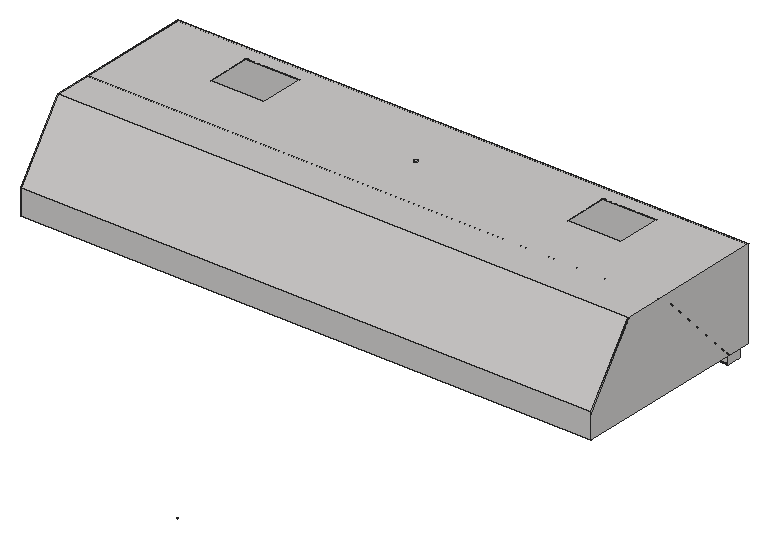
Revit family "QF_ELECTROLUXPROFESSIONAL_644225_ABPV1132BT", category Attrezzature speciali, Revit 2021
Family settings
  Quota connettore circolare = Usa diametro
  Tipo di parte = Normale
  Basato su piano di lavoro = No
  Sempre verticale = Sì
  Taglio con vuoti quando caricato = No
  Condiviso = No
  Punto di calcolo locali = No
Parameters (values of type "Standard")
  Weight = 109.00 kg
  Watts = 840 W
  Volts = 220 V
  URL Manufacturer = "https://www.electroluxprofessional.com/"
  URL = "https://www.electroluxprofessional.com/"
  Steam Supply Size = 0 mm
  Steam Supply Minimum Pressure = 0.0 Pa
  Steam Supply Maximum Pressure = 0.0 Pa
  Steam Consumption per Hour = 0
  Refrigeration Suction Line Size = 0 mm
  Refrigeration Liquid Line Size = 0 mm
  Refrigerant Compressor Remote = yes
  Prospetto di default = 0 mm
  Produttore = "Electrolux Professional"
  Phase = 1
  Modello = "ABPV1132BT"
  Length Actual = 3200 mm  # constant formula
  Item Number = "644225"
  Hot Water Size = 0 mm
  Height Actual = 500 mm  # constant formula
  HP = "1.1 HP"
  Gas Size = 0 mm
  Gas KW = 0
  Gas Input Pressure = 0 W
  Direct Waste Size = 0 mm
  Descrizione = "430 S/S WALL HOOD+FILTER+FAN 3200X1100MM"
  Depth Actual = 1100 mm  # constant formula
  Cycle = 50 Hz
  Condensate Return Size = 0 mm
  Compressed Air Volume = 0.0 L/s
  Compressed Air Size = 0 mm
  Compressed Air Pressure = 0.0 Pa
  Cold Water Size = 0 mm
  Accessory = yes
Reference planes
  plane 1 "Center (Front/Back)": y = 0
  plane 2: z = 0
  plane 3 "Center (Left/Right)": x = 150
  plane 4 "LEFT": x = -1450
  plane 5 "RIGHT": x = 1750
  plane 6 "BACK": y = 550
  plane 7 "FRONT": y = -550
  plane 8 "TOP": z = 2500
  plane 9 "Base": z = 2000
  plane 10: z = 1926
  plane 11 "DrainY": y = 485
  plane 12: x = -1447
  plane 13: through (0, 414.509, 2000.8) normal (0, 0.7314, 0.682)
  plane 14: y = 470
  plane 15: y = 220
  plane 16 "DrainX": x = 1630
  plane 17: x = -700
  plane 18: x = 1000
  plane 19: x = -1000
  plane 20: x = 1300
  plane 21: x = 1747
  plane 22: x = 1540
  plane 23: x = 1720
  plane 24: x = -1410
  plane 25: x = -1045
  plane 26: x = -650
  plane 27: x = 1710
  plane 28: x = 1345
  plane 29: x = 950
  plane 30: z = 2140
  plane 31: y = -290
Forms (mm)
  Extrusion 1, solid, material "QF_Finishes_Stainless Steel"
    sketch origin (-1450, 0, 360) x (0, 1, 0) y (0, 0, 1)
      loop
        line (550, 1640) -> (550, 2140) -> (-290, 2140) -> (-550, 1780) -> (-550, 1640) -> (550, 1640)
    from 0 to 3
  Extrusion 2, solid, material "QF_Finishes_Stainless Steel"
    sketch origin (150, 0, 360) x (0, 1, 0) y (0, 0, 1)
      loop
        line (415.255, 1640) -> (550, 1640) -> (550, 2139.19) -> (549.2, 2139.19) -> (549.2, 1640.8) -> (415.876, 1640.8) -> (339.347, 1722.867) -> (349.609, 1732.436) -> (348.927, 1733.167) -> (337.934, 1722.917) -> (415.255, 1640)
      loop
        line (-82.203, 2139.19) -> (-82.203, 2118.6) -> (-31.047, 2118.6) -> (34.354, 2048.466) -> (46.028, 2059.352) -> (45.346, 2060.083) -> (34.403, 2049.879) -> (-30.612, 2119.6) -> (-81.203, 2119.6) -> (-81.203, 2139.19) -> (-82.203, 2139.19)
    from -1597 to 1597
  Extrusion 3, solid, material "QF_Finishes_Stainless Steel"
    sketch origin (1750, 0, 360) x (0, 1, 0) y (0, 0, 1)
      loop
        line (550, 1640) -> (550, 2140) -> (-290, 2140) -> (-550, 1780) -> (-550, 1640) -> (550, 1640)
    from 0 to -3
  Extrusion 4, solid, material "QF_Finishes_Stainless Steel"
    sketch origin (150, 0, 360) x (0, 1, 0) y (0, 0, 1)
      loop
        line (550, 2139.19) -> (550, 2140) -> (-290, 2140) -> (-550, 1780) -> (-550, 1640) -> (-549.2, 1640) -> (-549.2, 1779.741) -> (-289.598, 2139.19) -> (550, 2139.19)
    from -1600 to 1600
  Extrusion 5, solid, material "QF_Finishes_Stainless Steel"
    sketch origin (150, 0, 360) x (0, 1, 0) y (0, 0, 1)
      loop
        line (534, 1640) -> (436, 1640) -> (436, 1627) -> (443.5, 1627) -> (443.5, 1576)
        arc (443.5, 1576) -> (446.429, 1568.929) -> (453.5, 1566) r 10
        line (453.5, 1566) -> (516.5, 1566)
        arc (516.5, 1566) -> (523.571, 1568.929) -> (526.5, 1576) r 10
        line (526.5, 1576) -> (526.5, 1627) -> (534, 1627) -> (534, 1640)
    from 1390 to 1570
  Extrusion 6, solid, material "QF_Finishes_Stainless Steel"
    sketch origin (0, 0, 2000) x (0, 1, 0) y (-1, 0, 0)
      loop
        circle (485, -1630) r 20
    from -76 to -74
  Extrusion 7, solid, material "QF_Finished_Chrome"
    sketch origin (150, 0, 360) x (0, 1, 0) y (0, 0, 1)
      loop
        line (337.934, 1722.917) -> (341.591, 1726.327) -> (38.011, 2051.876) -> (34.354, 2048.466) -> (337.934, 1722.917)
    from -1195 to -1560
  Extrusion 8, solid, material "QF_Finished_Chrome"
    sketch origin (150, 0, 360) x (0, 1, 0) y (0, 0, 1)
      loop
        line (337.934, 1722.917) -> (341.591, 1726.327) -> (38.011, 2051.876) -> (34.354, 2048.466) -> (337.934, 1722.917)
    from 800 to -800
  Extrusion 9, solid, material "QF_Finishes_Stainless Steel"
    sketch origin (150, 0, 360) x (0, 1, 0) y (0, 0, 1)
      loop
        line (337.934, 1722.917) -> (341.591, 1726.327) -> (38.011, 2051.876) -> (34.354, 2048.466) -> (337.934, 1722.917)
    from 1597 to 1560
  Extrusion 10, solid, material "QF_Finishes_Stainless Steel"
    sketch origin (150, 0, 360) x (0, 1, 0) y (0, 0, 1)
      loop
        line (341.588, 1726.324) -> (38.009, 2051.874) -> (34.354, 2048.466) -> (337.934, 1722.917) -> (341.588, 1726.324)
    from -1195 to -800
  Extrusion 11, solid, material "QF_Finished_Chrome"
    sketch origin (150, 0, 360) x (0, 1, 0) y (0, 0, 1)
      loop
        line (341.588, 1726.324) -> (38.009, 2051.874) -> (34.354, 2048.466) -> (337.934, 1722.917) -> (341.588, 1726.324)
    from 1195 to 1560
  Extrusion 12, void
    sketch origin (0, 0, 2500) x (0, 1, 0) y (-1, 0, 0)
      loop
        line (470, 1000) -> (220, 1000) -> (220, 700) -> (470, 700) -> (470, 1000)
    from 0 to -10
  Extrusion 13, void
    sketch origin (940, 0, 2500) x (0, 1, 0) y (-1, 0, 0)
      loop
        line (470, -60) -> (220, -60) -> (220, -360) -> (470, -360) -> (470, -60)
    from 0 to -10
  Extrusion 14, solid, material "QF_Finishes_Stainless Steel"
    sketch origin (0, 0, 0) x (1, 0, 0) y (0, 1, 0)
      loop
        line (-1450, 550) -> (-1450, 549) -> (-1449, 549) -> (-1449, 550) -> (-1450, 550)
    from 0 to 1
  Extrusion 15, solid, material "QF_Finishes_Stainless Steel"
    sketch origin (150, 0, 360) x (0, 1, 0) y (0, 0, 1)
      loop
        line (337.934, 1722.917) -> (341.591, 1726.327) -> (38.011, 2051.876) -> (34.354, 2048.466) -> (337.934, 1722.917)
    from -1560 to -1597
  Extrusion 16, solid, material "QF_Finishes_Stainless Steel"
    sketch origin (150, 0, 360) x (0, 1, 0) y (0, 0, -1)
      loop
        line (341.588, -1726.324) -> (337.934, -1722.917) -> (34.354, -2048.466) -> (38.009, -2051.874) -> (341.588, -1726.324)
    from -1195 to -800
  Extrusion 17, solid, material "QF_Finishes_Stainless Steel"
    sketch origin (0, 0, 2500) x (0, 1, 0) y (-1, 0, 0)
      loop
        circle (220, -150) r 10
    from 0 to 1.6
Cuts and joins
  Extrusion 12, Extrusion 13 cuts Extrusion 4
  joined: Extrusion 2, Extrusion 4
Lines and regions (mm)
  reference lines
    curve 1: line (150, 34.354, 2408.466) -> (150, 34.354, 2248.466)
  symbolic lines, style "SpecialityEquipment", detail levels coarse
    curve 2: line (1750, 550, 2500) -> (-1450, 550, 2500)
    curve 3: line (-1450, 550, 2500) -> (-1450, -550, 2500)
    curve 4: line (1750, -550, 2500) -> (1750, 550, 2500)
    curve 5: line (-1450, -550, 2500) -> (1750, -550, 2500)
    curve 6: line (-1000, 220, 2500) -> (-700, 220, 2500)
    curve 7: line (-1000, 470, 2500) -> (-1000, 220, 2500)
    curve 8: line (-700, 470, 2500) -> (-1000, 470, 2500)
    curve 9: line (-700, 220, 2500) -> (-700, 470, 2500)
    curve 10: line (1000, 470, 2500) -> (1000, 220, 2500)
    curve 11: line (1000, 220, 2500) -> (1300, 220, 2500)
    curve 12: line (1300, 470, 2500) -> (1000, 470, 2500)
    curve 13: line (1300, 220, 2500) -> (1300, 470, 2500)
    curve 14: line (-1450, -290, 0) -> (1750, -290, 0)
    curve 15: line (-1450, 550, 0) -> (1750, -290, 0)
    curve 16: line (1750, 550, 0) -> (-1450, -290, 0)
Dimensions and locks
  plane 4 "LEFT" to plane 5 "RIGHT" = 3200 mm
  equal spacing: plane 4 "LEFT", plane 3 "Center (Left/Right)", plane 5 "RIGHT"
  locked: plane 8 "TOP" to plane 9 "Base" at 500
  plane 9 "Base" to plane 10 = 74 mm
  plane 6 "BACK" to plane 11 "DrainY" = 65 mm  (x2)
  plane 4 "LEFT" to plane 12 = 3 mm
  plane 6 "BACK" to plane 14 = 80 mm
  plane 14 to plane 15 = 250 mm  (x2)
  plane 16 "DrainX" to plane 5 "RIGHT" = 120 mm
  locked: plane 17 to plane 18 at 1700
  equal spacing: plane 17, plane 3 "Center (Left/Right)", plane 18
  plane 19 to plane 17 = 300 mm
  plane 18 to plane 20 = 300 mm
  plane 21 to plane 5 "RIGHT" = 3 mm
  locked: plane 22 to plane 16 "DrainX" at 90
  locked: plane 16 "DrainX" to plane 23 at 90
  plane 6 "BACK" to plane 7 "FRONT" = 1100 mm  (x2)
  equal spacing: plane 6 "BACK", plane 1 "Center (Front/Back)", plane 7 "FRONT"
  plane 15 to plane 7 "FRONT" = 770 mm
  plane 14 to plane 6 "BACK" = 80 mm
  locked: plane 4 "LEFT" to plane 24 at 40
  locked: plane 24 to plane 25 at 365
  locked: plane 25 to plane 26 at 395
  locked: plane 27 to plane 28 at 365
  locked: plane 28 to plane 29 at 395
  locked: plane 27 to plane 5 "RIGHT" at 40
  plane 26 to plane 29 = 1600 mm
  plane 30 to plane 9 "Base" = 140 mm
  plane 31 to plane 7 "FRONT" = 260 mm
  locked: plane 9 "Base" to level at 2000
  aligned and locked: level to plane 2
  aligned and locked: Extrusion 2 to Extrusion 1
  aligned and locked: Extrusion 2 to Extrusion 3
  aligned and locked: plane 5 "RIGHT" to Extrusion 4
  aligned and locked: Extrusion 4 to plane 4 "LEFT"
  aligned and locked: plane 21 to Extrusion 9
  aligned and locked: plane 19 to Extrusion 12
  aligned and locked: Extrusion 12 to plane 17
  aligned and locked: Extrusion 12 to plane 15
  aligned and locked: Extrusion 12 to plane 14
  aligned and locked: Extrusion 13 to plane 20
  aligned and locked: plane 18 to Extrusion 13
  aligned and locked: plane 23 to Extrusion 5
  aligned and locked: Extrusion 5 to plane 22
  aligned and locked: Extrusion 9 to plane 27
  aligned and locked: Extrusion 11 to plane 27
  aligned and locked: Extrusion 11 to plane 28
  aligned and locked: Extrusion 8 to plane 29
  aligned and locked: Extrusion 8 to plane 26
  aligned and locked: plane 26 to Extrusion 10
  aligned and locked: Extrusion 10 to plane 25
  aligned and locked: plane 25 to Extrusion 7
  aligned and locked: Extrusion 7 to plane 24
  aligned and locked: Extrusion 15 to plane 12
  aligned and locked: plane 24 to Extrusion 15
  aligned and locked: Extrusion 16 to plane 29
  aligned and locked: Extrusion 16 to plane 28
  aligned and locked: Extrusion 3 to plane 21
Automatic sketch dimensions
  curve 5 to plane 4 "LEFT" = 0 mm
  curve 5 to plane 7 "FRONT" = 0 mm
  curve 9 to plane 15 = 0 mm
  curve 10 to plane 15 = 0 mm
  plane 14 to curve 8 = 0 mm
  plane 14 to curve 12 = 0 mm
  curve 3 to plane 6 "BACK" = 0 mm
  curve 5 to plane 5 "RIGHT" = 0 mm
  curve 11 to plane 20 = 0 mm
  curve 10 to plane 18 = 0 mm
  curve 6 to plane 17 = 0 mm
  curve 6 to plane 19 = 0 mm
  Extrusion 2 sketch curve to plane 13 = 0 mm  (x3)
  Extrusion 2 sketch curve to plane 9 "Base" = 0 mm
  plane 13 to Extrusion 2 sketch curve = 0 mm
  Extrusion 2 sketch curve to plane 6 "BACK" = 0 mm
  Extrusion 2 sketch curve to Extrusion 2 sketch curve = 65.646 mm
  Extrusion 2 sketch curve to Extrusion 2 sketch curve = 0.682 mm  (x2)
  Extrusion 2 sketch curve to Extrusion 2 sketch curve = 10.261 mm
  plane 9 "Base" to Extrusion 2 sketch curve = 82.917 mm
  Extrusion 2 sketch curve to plane 1 "Center (Front/Back)" = 46.028 mm
  Extrusion 2 sketch curve to Extrusion 2 sketch curve = 10.942 mm
  Extrusion 2 sketch curve to Extrusion 2 sketch curve = 0.049 mm
  Extrusion 2 sketch curve to plane 8 "TOP" = 20.4 mm
  Extrusion 2 sketch curve to plane 8 "TOP" = 21.4 mm
  Extrusion 2 sketch curve to plane 8 "TOP" = 0.81 mm  (x2)
  Extrusion 2 sketch curve to Extrusion 2 sketch curve = 50.156 mm
  Extrusion 2 sketch curve to Extrusion 2 sketch curve = 1 mm
  plane 9 "Base" to Extrusion 2 sketch curve = 0.8 mm
  Extrusion 2 sketch curve to plane 6 "BACK" = 0.8 mm
  curve 1 to plane 13 = 0 mm
  curve 1 to plane 1 "Center (Front/Back)" = 34.354 mm
  Extrusion 5 sketch curve to plane 9 "Base" = 0 mm
  Extrusion 5 sketch curve to plane 10 = 0 mm
  Extrusion 5 sketch curve to plane 9 "Base" = 13 mm  (x2)
  plane 14 to Extrusion 5 sketch curve = 34 mm
  Extrusion 5 sketch curve to Extrusion 5 sketch curve = 7.5 mm  (x2)
  Extrusion 5 sketch curve to Extrusion 5 sketch curve = 10 mm
  plane 11 "DrainY" to Extrusion 5 sketch curve = 31.5 mm
  Extrusion 5 sketch curve to plane 6 "BACK" = 23.5 mm
  Extrusion 6 sketch curve to plane 11 "DrainY" = 0 mm
  Extrusion 6 sketch curve to plane 16 "DrainX" = 0 mm
  Extrusion 7 sketch curve to plane 13 = 0 mm  (x2)
  Extrusion 7 sketch curve to plane 1 "Center (Front/Back)" = 34.354 mm
  Extrusion 7 sketch curve to Extrusion 7 sketch curve = 3.657 mm
  plane 9 "Base" to Extrusion 7 sketch curve = 82.917 mm
  Extrusion 8 sketch curve to plane 13 = 0 mm  (x2)
  Extrusion 8 sketch curve to plane 1 "Center (Front/Back)" = 34.354 mm
  Extrusion 8 sketch curve to Extrusion 8 sketch curve = 3.657 mm
  plane 9 "Base" to Extrusion 8 sketch curve = 82.917 mm
  Extrusion 9 sketch curve to plane 13 = 0 mm  (x2)
  Extrusion 9 sketch curve to plane 1 "Center (Front/Back)" = 34.354 mm
  Extrusion 9 sketch curve to Extrusion 9 sketch curve = 3.657 mm
  plane 9 "Base" to Extrusion 9 sketch curve = 82.917 mm
  Extrusion 10 sketch curve to plane 13 = 0 mm  (x2)
  Extrusion 10 sketch curve to plane 1 "Center (Front/Back)" = 34.354 mm
  Extrusion 10 sketch curve to Extrusion 10 sketch curve = 3.655 mm
  plane 9 "Base" to Extrusion 10 sketch curve = 82.917 mm
  Extrusion 11 sketch curve to plane 13 = 0 mm  (x2)
  Extrusion 11 sketch curve to plane 1 "Center (Front/Back)" = 34.354 mm
  Extrusion 11 sketch curve to Extrusion 11 sketch curve = 3.655 mm
  plane 9 "Base" to Extrusion 11 sketch curve = 82.917 mm
  Extrusion 12 sketch curve to plane 15 = 0 mm
  plane 14 to Extrusion 12 sketch curve = 0 mm
  Extrusion 12 sketch curve to plane 17 = 0 mm
  Extrusion 12 sketch curve to plane 19 = 0 mm
  Extrusion 13 sketch curve to plane 15 = 0 mm
  plane 14 to Extrusion 13 sketch curve = 0 mm
  Extrusion 13 sketch curve to plane 20 = 0 mm
  Extrusion 13 sketch curve to plane 18 = 0 mm
  Extrusion 14 sketch curve to plane 4 "LEFT" = 0 mm
  Extrusion 14 sketch curve to plane 6 "BACK" = 0 mm
  plane 4 "LEFT" to Extrusion 14 sketch curve = 1 mm
  Extrusion 14 sketch curve to plane 6 "BACK" = 1 mm
  Extrusion 15 sketch curve to plane 13 = 0 mm  (x2)
  Extrusion 15 sketch curve to plane 1 "Center (Front/Back)" = 34.354 mm
  Extrusion 15 sketch curve to Extrusion 15 sketch curve = 3.657 mm
  plane 9 "Base" to Extrusion 15 sketch curve = 82.917 mm
  Extrusion 16 sketch curve to plane 13 = 0 mm  (x2)
  Extrusion 16 sketch curve to plane 1 "Center (Front/Back)" = 34.354 mm
  Extrusion 16 sketch curve to Extrusion 16 sketch curve = 3.655 mm
  plane 9 "Base" to Extrusion 16 sketch curve = 82.917 mm
  curve 1 to curve 1 = 160 mm
  Extrusion 4 sketch curve to plane 7 "FRONT" = 0 mm
  Extrusion 4 sketch curve to plane 8 "TOP" = 0 mm
  Extrusion 4 sketch curve to plane 31 = 0 mm
  Extrusion 4 sketch curve to plane 6 "BACK" = 0 mm
  Extrusion 4 sketch curve to plane 9 "Base" = 0 mm
  Extrusion 4 sketch curve to plane 30 = 0 mm
  Extrusion 4 sketch curve to plane 30 = 0.259 mm
  plane 7 "FRONT" to Extrusion 4 sketch curve = 0.8 mm
  Extrusion 4 sketch curve to Extrusion 4 sketch curve = 0.81 mm
  Extrusion 4 sketch curve to plane 31 = 0.402 mm
  Extrusion 1 sketch curve to plane 7 "FRONT" = 0 mm
  Extrusion 1 sketch curve to plane 8 "TOP" = 0 mm
  Extrusion 1 sketch curve to plane 31 = 0 mm
  Extrusion 1 sketch curve to plane 6 "BACK" = 0 mm
  Extrusion 1 sketch curve to plane 9 "Base" = 0 mm
  Extrusion 1 sketch curve to plane 30 = 0 mm
  Extrusion 3 sketch curve to plane 7 "FRONT" = 0 mm
  Extrusion 3 sketch curve to plane 8 "TOP" = 0 mm
  Extrusion 3 sketch curve to plane 31 = 0 mm
  Extrusion 3 sketch curve to plane 6 "BACK" = 0 mm
  Extrusion 3 sketch curve to plane 9 "Base" = 0 mm
  Extrusion 3 sketch curve to plane 30 = 0 mm
  curve 16 to plane 4 "LEFT" = 0 mm
  curve 15 to plane 4 "LEFT" = 0 mm
  curve 16 to plane 5 "RIGHT" = 0 mm
  curve 14 to plane 5 "RIGHT" = 0 mm
  plane 31 to curve 14 = 0 mm
  curve 16 to plane 6 "BACK" = 0 mm
  curve 15 to plane 6 "BACK" = 0 mm
  Extrusion 17 sketch curve to plane 3 "Center (Left/Right)" = 0 mm
  Extrusion 17 sketch curve to plane 15 = 0 mm
  radius of Extrusion 6 sketch curve = 20 mm
  radius of Extrusion 17 sketch curve = 10 mm
Connectors
  piping at (1630, 485, 1924), diameter 20
    settings: on Extrusion 6, index 1, connector inside diameter 609.6 mm, connector length 0 mm, flow factor 0, pipe flow 0.0 L/s, pressure drop 0.0 Pa, fitting loss kfactor 0, connector angle 0.00°, fixture units 0, engagement length 0 mm, angle of deflection 0.00°, flow configuration 1, flow direction 2, fitting loss method 0, system type 16, joint type 0, gender type 0, connector reference index -1, connector utility 0, adjustable connector no, is connector primary yes, connector description "Drain"
  hvac at (-850, 345, 2500)
    settings: on Extrusion 12, index 2, duct flow 0.0 L/s, flow factor 0, pres drop 0.0 Pa, loss coef 0, conn angle 0.00°, conn width 250 mm, conn height 300 mm, conn diameter 609.6 mm, duct sys type 3, conn prof type 1, flow config 1, flow direction 2, loss method 0, conn ref index -1, conn util no, is conn primary yes, conn desc "EXHAUST OUTLET"
  hvac at (1150, 345, 2500)
    settings: on Extrusion 13, index 3, duct flow 0.0 L/s, flow factor 0, pres drop 0.0 Pa, loss coef 0, conn angle 0.00°, conn width 250 mm, conn height 300 mm, conn diameter 609.6 mm, duct sys type 3, conn prof type 1, flow config 1, flow direction 2, loss method 0, conn ref index -1, conn util no, is conn primary no, conn desc "EXHAUST OUTLET"
  electrical at (150, 220, 2501.6), driven by "Volts"
    settings: on Extrusion 17, index 4, voltage 220 V, apparent load 0 VA, apparent load phase1 0 VA, apparent load phase2 0 VA, apparent load phase3 0 VA, power factor 1, load classification "Other", number of poles 1, system type 30, power factor state 1, is connector primary yes, connector utility no, sub classification motor no, connector description "Electrical Connection"
